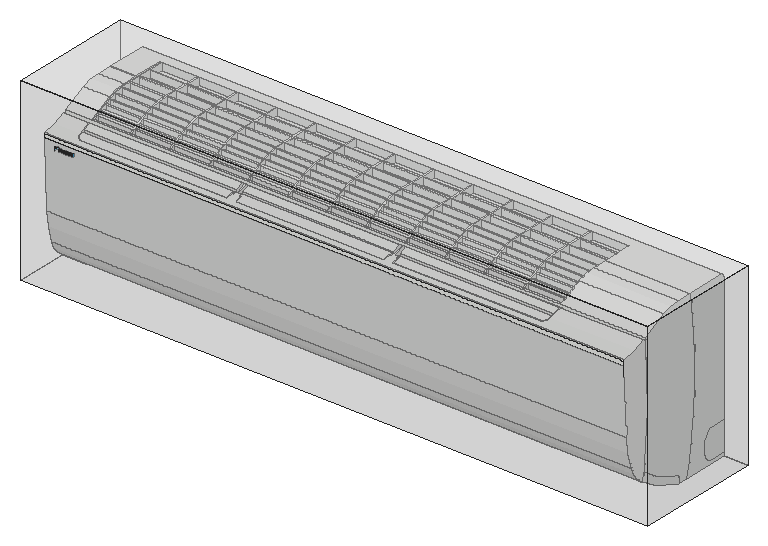
Revit family "outputfile", category 機械設備, Revit 2024 (continued)
Definition of nested family "DAIKIN_indoorunit_FTXM-PAVMA"
  Automatic sketch dimensions
    Extrusion 40 sketch curve to Extrusion 40 sketch curve = 27.098 mm
    Extrusion 40 sketch curve to Extrusion 40 sketch curve = 26.148 mm
    Extrusion 40 sketch curve to Extrusion 40 sketch curve = 20.648 mm
    Extrusion 40 sketch curve to Extrusion 40 sketch curve = 1.494 mm  (x2)
    plane 1 "Center (Front/Back)" to Extrusion 40 sketch curve = 207.897 mm
    Extrusion 40 sketch curve to Extrusion 40 sketch curve = 0.026 mm  (x2)
    Extrusion 40 sketch curve to Extrusion 40 sketch curve = 0.13 mm
    plane 3 "Center (Left/Right)" to Extrusion 41 sketch curve = 428.371 mm
    Extrusion 41 sketch curve to Extrusion 41 sketch curve = 2.804 mm  (x2)
    Extrusion 41 sketch curve to Extrusion 41 sketch curve = 0.364 mm  (x2)
    Extrusion 41 sketch curve to Extrusion 41 sketch curve = 0.689 mm  (x2)
    Extrusion 41 sketch curve to Extrusion 41 sketch curve = 10.959 mm  (x2)
    plane 3 "Center (Left/Right)" to Extrusion 41 sketch curve = 111.098 mm
    Extrusion 41 sketch curve to Extrusion 41 sketch curve = 3.0 mm  (x5)
    Extrusion 41 sketch curve to Extrusion 41 sketch curve = 0.0 mm  (x9)
    Extrusion 41 sketch curve to Extrusion 41 sketch curve = 13.0 mm  (x2)
    Extrusion 41 sketch curve to plane 3 "Center (Left/Right)" = 214.402 mm
    Extrusion 41 sketch curve to Extrusion 41 sketch curve = 302.152 mm
    plane 1 "Center (Front/Back)" to Extrusion 41 sketch curve = 235.15 mm
    plane 1 "Center (Front/Back)" to Extrusion 41 sketch curve = 227.2 mm
    plane 1 "Center (Front/Back)" to Extrusion 41 sketch curve = 223.0 mm  (x2)
    Extrusion 41 sketch curve to Extrusion 41 sketch curve = 14.948 mm  (x2)
    Extrusion 41 sketch curve to Extrusion 41 sketch curve = 16.448 mm  (x2)
    Extrusion 41 sketch curve to Extrusion 41 sketch curve = 4.2 mm  (x2)
    Extrusion 41 sketch curve to Extrusion 41 sketch curve = 4.5 mm  (x4)
    Extrusion 41 sketch curve to Extrusion 41 sketch curve = 7.0 mm
    Extrusion 41 sketch curve to Extrusion 41 sketch curve = 0.95 mm
    Extrusion 41 sketch curve to Extrusion 41 sketch curve = 7.95 mm
    Extrusion 41 sketch curve to Extrusion 41 sketch curve = 13.5 mm
    Extrusion 41 sketch curve to Extrusion 41 sketch curve = 1.494 mm  (x2)
    plane 1 "Center (Front/Back)" to Extrusion 41 sketch curve = 207.897 mm
    Extrusion 41 sketch curve to Extrusion 41 sketch curve = 0.026 mm  (x2)
    Extrusion 41 sketch curve to Extrusion 41 sketch curve = 0.13 mm
    plane 1 "Center (Front/Back)" to Extrusion 42 sketch curve = 286.4 mm
    Extrusion 42 sketch curve to Extrusion 42 sketch curve = 41.2 mm
    Extrusion 42 sketch curve to Extrusion 42 sketch curve = 37.303 mm
    Extrusion 42 sketch curve to Extrusion 42 sketch curve = 1.344 mm
    Extrusion 42 sketch curve to level = 46.098 mm
    Extrusion 42 sketch curve to Extrusion 42 sketch curve = 10.921 mm
    Extrusion 42 sketch curve to Extrusion 42 sketch curve = 1.176 mm
    Extrusion 42 sketch curve to Extrusion 42 sketch curve = 19.311 mm
    plane 1 "Center (Front/Back)" to Extrusion 43 sketch curve = 58.306 mm
    plane 3 "Center (Left/Right)" to Extrusion 43 sketch curve = 425.0 mm
    Extrusion 43 sketch curve to Extrusion 43 sketch curve = 0.0 mm  (x217)
    Extrusion 43 sketch curve to Extrusion 43 sketch curve = 77.703 mm
    Extrusion 43 sketch curve to Extrusion 43 sketch curve = 3.0 mm  (x44)
    Extrusion 43 sketch curve to Extrusion 43 sketch curve = 78.2 mm  (x6)
    Extrusion 43 sketch curve to Extrusion 43 sketch curve = 0.5 mm  (x2)
    plane 3 "Center (Left/Right)" to Extrusion 43 sketch curve = 102.848 mm
    Extrusion 43 sketch curve to Extrusion 43 sketch curve = 2.5 mm  (x20)
    plane 3 "Center (Left/Right)" to Extrusion 43 sketch curve = 21.798 mm  (x9)
    Extrusion 43 sketch curve to Extrusion 43 sketch curve = 79.05 mm
    Extrusion 43 sketch curve to Extrusion 43 sketch curve = 78.55 mm  (x2)
    plane 1 "Center (Front/Back)" to Extrusion 43 sketch curve = 27.8 mm  (x11)
    Extrusion 43 sketch curve to Extrusion 43 sketch curve = 73.897 mm
    Extrusion 43 sketch curve to Extrusion 43 sketch curve = 27.894 mm  (x6)
    Extrusion 43 sketch curve to Extrusion 43 sketch curve = 2.611 mm  (x32)
    Extrusion 43 sketch curve to Extrusion 43 sketch curve = 25.389 mm  (x5)
    Extrusion 43 sketch curve to Extrusion 43 sketch curve = 21.389 mm  (x6)
    Extrusion 43 sketch curve to Extrusion 43 sketch curve = 18.388 mm  (x6)
    Extrusion 43 sketch curve to Extrusion 43 sketch curve = 2.616 mm  (x11)
    Extrusion 43 sketch curve to Extrusion 43 sketch curve = 13.376 mm  (x9)
    Extrusion 43 sketch curve to Extrusion 43 sketch curve = 2.639 mm  (x11)
    Extrusion 43 sketch curve to Extrusion 43 sketch curve = 11.35 mm  (x6)
    Extrusion 43 sketch curve to Extrusion 43 sketch curve = 2.664 mm  (x12)
    Extrusion 43 sketch curve to Extrusion 43 sketch curve = 8.331 mm  (x6)
    Extrusion 43 sketch curve to Extrusion 43 sketch curve = 2.676 mm  (x10)
    Extrusion 43 sketch curve to Extrusion 43 sketch curve = 8.318 mm  (x8)
    Extrusion 43 sketch curve to Extrusion 43 sketch curve = 2.69 mm  (x10)
    Extrusion 43 sketch curve to Extrusion 43 sketch curve = 7.303 mm  (x7)
    Extrusion 43 sketch curve to Extrusion 43 sketch curve = 2.705 mm  (x11)
    Extrusion 43 sketch curve to Extrusion 43 sketch curve = 7.138 mm  (x7)
  Nested families
    nested 1: "daikin_logo_plane_w40" at (-320, -198.871, -233.244) x (1, 0, 0) z (0, -0.7841, -0.6206), visible <- "switch_unit1_20-46", type "daikin_logo_plane_w40"
      with show_logo yes
    nested 2: "daikin_logo_plane_w40" at (-430, -237.74, -233.244) x (1, 0, 0) z (0, -0.7841, -0.6206), visible <- "switch_unit1_50-71", type "daikin_logo_plane_w40"
      with show_logo yes
    nested 3: "daikin_logo_plane_w40" at (-527, -258.836, -65) x (1, 0, 0) z (0, -0.9998, -0.0188), visible <- "switch_unit1_85-95", type "daikin_logo_plane_w40"
      with show_logo yes
  Definition of nested family "daikin_logo_plane_w40"
    Parameters (values of type "daikin_logo_plane_w40")
      width = 40.0 mm
      show_logo [instance] = yes
      material = none
      height = 0.0 mm
      depth = 0.0 mm
      Default Elevation = 1219.2 mm
    Reference planes
      plane 1 "Center (Front/Back)": y = 0
      plane 2: z = 0
      plane 3 "Center (Left/Right)": x = 0
      plane 4: z = 2
      plane 5 "left": x = -19
      plane 6: x = 19
    Forms (mm)
      Extrusion 1, solid, visible <- "show_logo"
        sketch origin (-19, 0, 0) x (1, 0, 0) y (0, 1, 0)
          loop
            line (8.902, -1.878) -> (7.789, -6.332) -> (11.13, -6.332)
            arc (11.13, -6.332) -> (12.454, -6.064) -> (13.472, -5.176) r 2.642
            arc (13.472, -5.176) -> (13.92, -4.02) -> (13.767, -2.79) r 2.537
            arc (13.767, -2.79) -> (13.452, -2.342) -> (12.982, -2.06) r 1.321
            arc (12.982, -2.06) -> (12.063, -1.902) -> (11.13, -1.878) r 6.479
            line (11.13, -1.878) -> (8.902, -1.878)
          loop
            line (10.016, -5.441) -> (10.907, -5.441)
            arc (10.907, -5.441) -> (11.591, -4.983) -> (11.988, -4.261) r 1.742
            spline (11.988, -4.261) -> (12.01, -4.155) -> (12.027, -4.03) -> (12.037, -3.893) -> (12.037, -3.747) -> (12.026, -3.598) -> (12.002, -3.451) -> (11.962, -3.31) -> (11.905, -3.181) -> (11.829, -3.069) -> (11.731, -2.978) -> (11.61, -2.913) -> (11.464, -2.88)
            line (11.464, -2.88) -> (10.573, -2.88) -> (10.016, -5.441)
          loop
            line (13.58, -6.332) -> (14.805, -6.332) -> (15.223, -5.553) -> (16.977, -5.553) -> (17.144, -6.332) -> (19.149, -6.332) -> (18.258, -1.878) -> (16.03, -1.878) -> (13.58, -6.332)
          loop
            line (16.476, -3.214) -> (15.76, -4.551) -> (16.762, -4.551) -> (16.476, -3.214)
          loop
            line (19.705, -6.332) -> (21.599, -6.332) -> (22.712, -1.878) -> (20.819, -1.878) -> (19.705, -6.332)
          loop
            line (22.712, -6.332) -> (24.606, -6.332) -> (24.908, -5.122) -> (25.831, -6.332) -> (28.17, -6.332) -> (26.388, -3.994) -> (28.949, -1.878) -> (26.945, -1.878) -> (25.401, -3.153) -> (25.719, -1.878) -> (23.826, -1.878) -> (22.712, -6.332)
          loop
            line (29.84, -1.878) -> (28.615, -6.332) -> (30.62, -6.332) -> (31.734, -1.878) -> (29.84, -1.878)
          loop
            line (31.734, -6.332) -> (33.07, -6.332) -> (33.7, -3.814) -> (34.518, -6.332) -> (36.745, -6.332) -> (37.859, -1.878) -> (36.523, -1.878) -> (35.845, -4.589) -> (34.963, -1.878) -> (32.847, -1.878) -> (31.734, -6.332)
        from 0 to 2
      Extrusion 2, solid, visible <- "show_logo"
        sketch origin (-19, 0, 0) x (1, 0, 0) y (0, 1, 0)
          loop
            line (8.7, 0) -> (4.235, 0) -> (0, -3.879) -> (0, -8) -> (8.7, 0)
        from 0 to 2
      Extrusion 3, solid, visible <- "show_logo"
        sketch origin (-19, 0, 0) x (1, 0, 0) y (0, 1, 0)
          loop
            line (0, 0) -> (0, -3.879) -> (4.235, 0) -> (0, 0)
        from 0 to 2
    Dimensions and locks
      plane 4 to plane 2 = 2.0 mm
      equal spacing: plane 5 "left", plane 3 "Center (Left/Right)", plane 6
      locked: plane 5 "left" to plane 6 at 38
      aligned and locked: level to plane 2
      aligned and locked: Extrusion 3 to plane 1 "Center (Front/Back)"  (x2)
      aligned and locked: Extrusion 2 to plane 1 "Center (Front/Back)"  (x2)
      aligned and locked: plane 4 to Extrusion 1
      aligned and locked: plane 4 to Extrusion 3
      aligned and locked: plane 4 to Extrusion 2
      aligned and locked: Extrusion 3 to plane 5 "left"
      aligned and locked: Extrusion 2 to plane 5 "left"
    Automatic sketch dimensions
      Extrusion 1 sketch curve to Extrusion 1 sketch curve = 0.901 mm
      Extrusion 1 sketch curve to Extrusion 1 sketch curve = 1.559 mm
      Extrusion 1 sketch curve to Extrusion 1 sketch curve = 1.327 mm
      Extrusion 1 sketch curve to Extrusion 1 sketch curve = 2.145 mm
      Extrusion 1 sketch curve to Extrusion 1 sketch curve = 1.448 mm
      Extrusion 1 sketch curve to Extrusion 1 sketch curve = 2.116 mm
      Extrusion 1 sketch curve to Extrusion 1 sketch curve = 1.114 mm  (x4)
      Extrusion 1 sketch curve to Extrusion 1 sketch curve = 1.336 mm  (x2)
      plane 1 "Center (Front/Back)" to Extrusion 1 sketch curve = 1.878 mm  (x5)
      Extrusion 1 sketch curve to Extrusion 1 sketch curve = 1.893 mm  (x5)
      Extrusion 1 sketch curve to Extrusion 1 sketch curve = 0.891 mm  (x4)
      Extrusion 1 sketch curve to Extrusion 1 sketch curve = 2.005 mm  (x3)
      Extrusion 1 sketch curve to Extrusion 1 sketch curve = 0.445 mm  (x2)
      plane 1 "Center (Front/Back)" to Extrusion 1 sketch curve = 3.994 mm
      Extrusion 1 sketch curve to Extrusion 1 sketch curve = 0.557 mm  (x2)
      Extrusion 1 sketch curve to Extrusion 1 sketch curve = 2.339 mm  (x2)
      Extrusion 1 sketch curve to Extrusion 1 sketch curve = 1.225 mm  (x3)
      plane 1 "Center (Front/Back)" to Extrusion 1 sketch curve = 3.153 mm
      Extrusion 1 sketch curve to Extrusion 1 sketch curve = 0.987 mm
      plane 1 "Center (Front/Back)" to Extrusion 1 sketch curve = 5.122 mm
      Extrusion 1 sketch curve to Extrusion 1 sketch curve = 0.922 mm
      plane 1 "Center (Front/Back)" to Extrusion 1 sketch curve = 6.332 mm
      Extrusion 1 sketch curve to Extrusion 1 sketch curve = 2.562 mm
      plane 1 "Center (Front/Back)" to Extrusion 1 sketch curve = 5.553 mm
      Extrusion 1 sketch curve to Extrusion 1 sketch curve = 0.167 mm
      Extrusion 1 sketch curve to Extrusion 1 sketch curve = 0.215 mm
      plane 1 "Center (Front/Back)" to Extrusion 1 sketch curve = 3.214 mm
      Extrusion 1 sketch curve to Extrusion 1 sketch curve = 0.286 mm
      plane 1 "Center (Front/Back)" to Extrusion 1 sketch curve = 4.551 mm
      Extrusion 1 sketch curve to Extrusion 1 sketch curve = 1.002 mm
      Extrusion 1 sketch curve to Extrusion 1 sketch curve = 0.537 mm
      Extrusion 1 sketch curve to Extrusion 1 sketch curve = 0.418 mm
      Extrusion 1 sketch curve to Extrusion 1 sketch curve = 1.028 mm
      plane 1 "Center (Front/Back)" to Extrusion 1 sketch curve = 4.261 mm
      Extrusion 1 sketch curve to Extrusion 1 sketch curve = 0.563 mm
      plane 1 "Center (Front/Back)" to Extrusion 1 sketch curve = 2.88 mm
      Extrusion 1 sketch curve to Extrusion 1 sketch curve = 1.088 mm
      Extrusion 1 sketch curve to Extrusion 1 sketch curve = 2.152 mm
      Extrusion 1 sketch curve to Extrusion 1 sketch curve = 0.586 mm
      Extrusion 1 sketch curve to Extrusion 1 sketch curve = 0.118 mm
      Extrusion 1 sketch curve to Extrusion 1 sketch curve = 0.298 mm
      Extrusion 1 sketch curve to Extrusion 1 sketch curve = 0.334 mm
      Extrusion 1 sketch curve to Extrusion 1 sketch curve = 0.223 mm
      Extrusion 1 sketch curve to Extrusion 1 sketch curve = 0.266 mm
      Extrusion 1 sketch curve to Extrusion 1 sketch curve = 1.671 mm
      Extrusion 1 sketch curve to Extrusion 1 sketch curve = 2.227 mm
      Extrusion 1 sketch curve to Extrusion 1 sketch curve = 0.0 mm  (x7)
      Extrusion 1 sketch curve to Extrusion 1 sketch curve = 3.453 mm
      Extrusion 1 sketch curve to Extrusion 1 sketch curve = 2.017 mm
      Extrusion 1 sketch curve to Extrusion 1 sketch curve = 0.78 mm  (x2)
      Extrusion 1 sketch curve to Extrusion 1 sketch curve = 1.743 mm
      Extrusion 1 sketch curve to Extrusion 1 sketch curve = 0.775 mm
      Extrusion 1 sketch curve to Extrusion 1 sketch curve = 0.552 mm
      Extrusion 1 sketch curve to Extrusion 1 sketch curve = 0.014 mm
      Extrusion 1 sketch curve to Extrusion 1 sketch curve = 0.952 mm
      Extrusion 1 sketch curve to Extrusion 1 sketch curve = 1.215 mm
      Extrusion 1 sketch curve to Extrusion 1 sketch curve = 0.108 mm
      plane 1 "Center (Front/Back)" to Extrusion 2 sketch curve = 0.0 mm
      Extrusion 2 sketch curve to plane 3 "Center (Left/Right)" = 19.0 mm
      Extrusion 2 sketch curve to plane 3 "Center (Left/Right)" = 14.765 mm
      Extrusion 2 sketch curve to Extrusion 2 sketch curve = 4.465 mm
      plane 1 "Center (Front/Back)" to Extrusion 2 sketch curve = 3.879 mm
      Extrusion 2 sketch curve to Extrusion 2 sketch curve = 4.12 mm
      plane 1 "Center (Front/Back)" to Extrusion 3 sketch curve = 0.0 mm
      Extrusion 3 sketch curve to plane 3 "Center (Left/Right)" = 19.0 mm
      Extrusion 3 sketch curve to plane 3 "Center (Left/Right)" = 14.765 mm
      plane 1 "Center (Front/Back)" to Extrusion 3 sketch curve = 3.879 mm
      Extrusion 1 sketch curve to plane 3 "Center (Left/Right)" = 11.211 mm
      Extrusion 1 sketch curve to Extrusion 1 sketch curve = 1.782 mm
Definition of nested family "daikin_connector_rotate3"
  Parameters (values of type "daikin_connector_rotate3")
    show [instance] = yes
    radius [instance] = 10.0 mm
    length [instance] = 600.0 mm
    angle_horizontal [instance] = 60.00°
    angle_vertical [instance] = 90.00°
    Default Elevation = 1219.2 mm
  Reference planes
    plane 1 "Center (Front/Back)": y = 0
    plane 2: z = 0
    plane 3 "Center (Left/Right)": x = 0
  Dimensions and locks
    "angle_horizontal": angle plane 3 "Center (Left/Right)" to nested 1
    aligned and locked: level to plane 2
    aligned and locked: plane 1 "Center (Front/Back)" to nested 1  (x2)
    aligned and locked: plane 3 "Center (Left/Right)" to nested 1
  Nested families
    nested 1: "daikin_connector_rotate2" at (0, 0, 0) x (0.5, 0.866, 0) z (0, 0, 1), angle_vertical <- "angle_vertical", length <- "length", radius <- "radius", type "daikin_connector_rotate2"
      with radius 10.0 mm, length 600.0 mm, angle_vertical 90.00°
  Definition of nested family "daikin_connector_rotate2"
    Parameters (values of type "daikin_connector_rotate2")
      show_face = yes
      radius [instance] = 10.0 mm
      length [instance] = 600.0 mm
      d_surface = 10.0 mm
      angle_vertical [instance] = 90.00°
      Default Elevation = 0.0 mm
    Reference planes
      plane 1 "Center (Front/Back)": y = 0
      plane 2: z = 0
      plane 3 "Center (Left/Right)": x = 0
    Forms (mm)
      Extrusion 1, solid, visible <- "show_face"
        sketch origin (0, -600, 0) x (1, 0, 0) y (0, 0, 1)
          loop
            circle (0, 0) r 10
        from 0 to -10
    Lines and regions (mm)
      reference lines
        curve 1: line (0, 0, 0) -> (0, -600, 0)
      symbolic lines
        curve 2: circle (0, 0, 0) r 5 normal (0, 0, 1)
      model lines, visible <- "show_face"
        curve 3: line (0, 0, 0) -> (0, -600, 0)
    Dimensions and locks
      "length": curve 1 to curve 1
      "length": curve 3 to curve 3
      "d_surface": Extrusion 1 to Extrusion 1
      "radius": radius of Extrusion 1 sketch curve
      "angle_vertical": angle curve 1 to plane 1 "Center (Front/Back)"
      "angle_vertical": angle curve 3 to plane 1 "Center (Front/Back)"
      aligned and locked: level to plane 2
      aligned and locked: plane 1 "Center (Front/Back)" to curve 1
      aligned and locked: plane 2 to curve 1
      aligned and locked: plane 1 "Center (Front/Back)" to curve 2
      aligned and locked: plane 3 "Center (Left/Right)" to curve 2
      aligned and locked: plane 1 "Center (Front/Back)" to curve 3
      aligned and locked: plane 2 to curve 3
      aligned and locked: Extrusion 1 to Extrusion 1
    Automatic sketch dimensions
      Extrusion 1 sketch curve to level = 0.0 mm
      Extrusion 1 sketch curve to plane 3 "Center (Left/Right)" = 0.0 mm
      radius of curve 2 = 5.0 mm
